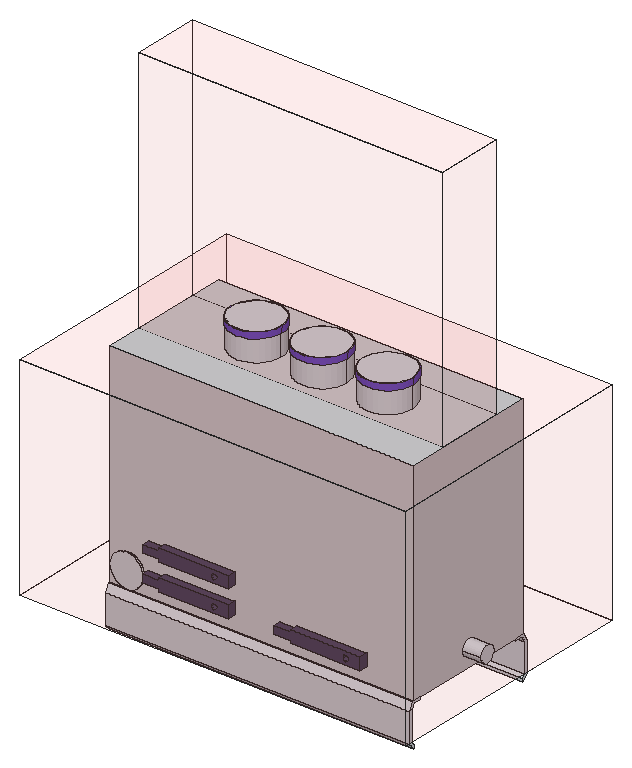
Revit family "DATABAR Triple Outlet Tap Off Unit", category Electrical Equipment, host Face, Revit 2018
Family settings
  Host = Face
  Panel Configuration = Two Columns, Circuits Across
  Round Connector Dimension = Use Diameter
  Part Type = Panelboard
  OmniClass Number = 23.80.30.11.17
  OmniClass Title = Distribution Boards and Control Panels
  Cut with Voids When Loaded = No
  Shared = No
  Room Calculation Point = No
Parameters (values of type "Triple Outlet 32A - TP&Meter")
  Version = "A"  # constant formula
  URL = "https://anordmardix.com/products/iec/busbar-busway/databar/"
  Tier 3 [instance] = no
  Tier 2 [instance] = no
  Tier 1 [instance] = yes
  Manufacturer = "Anord Mardix"  # constant formula
  Handle 4 Visible = yes
  Handle 3 Visible = yes
  Handle 2 Visible = no
  Handle 1 Visible = yes
  Description = "Tap Off Unit, Triple Outlet, 32A, TP&Meter"
  Default Elevation = 0 mm
  Databar System Name [instance] = ""
  Clearance Distance [instance] = 50 mm  # constant formula
  Clearance Area [instance] = yes
  AMG_Tap_Off_Width = 165 mm  # constant formula
  AMG_Tap_Off_Socket_Height = 34 mm
  AMG_Tap_Off_Length = 370 mm
  AMG_Tap_Off_Height = 257 mm
  AMG_Socket3 Dist = 260 mm
  AMG_Socket2 Dist = 180 mm
  AMG_Socket1 Dist = 100 mm
Types (8, lengths in mm): name | Handle 3 Visible | Handle 2 Visible | Description | AMG_Tap_Off_Socket_Height | AMG_Tap_Off_Height | AMG_Socket3 Dist | AMG_Socket2 Dist | AMG_Socket1 Dist
  Triple Outlet 16A - SP | no | yes | "Tap Off Unit, Triple Outlet, 16A, SP" | 53 | 98 | 210 | 130 | 50
  Triple Outlet 32A - SP | no | yes | "Tap Off Unit, Triple Outlet, 32A, SP" | 64 | 98 | 210 | 130 | 50
  Triple Outlet 16A - TP | yes | no | "Tap Off Unit, Triple Outlet, 16A, TP" | 55 | 152 | 210 | 130 | 50
  Triple Outlet 32A - TP | yes | no | "Tap Off Unit, Triple Outlet, 32A, TP" | 64 | 152 | 210 | 130 | 50
  Triple Outlet 16A - SP&Meter | yes | no | "Tap Off Unit, Triple Outlet, 16A, SP&Meter" | 55 | 152 | 210 | 130 | 50
  Triple Outlet 32A - SP&Meter | yes | no | "Tap Off Unit, Triple Outlet, 32A, SP&Meter" | 64 | 152 | 210 | 130 | 50
  Triple Outlet 16A - TP&Meter | yes | no | "Tap Off Unit, Triple Outlet, 16A, TP&Meter" | 38 | 257 | 260 | 180 | 100
  Triple Outlet 32A - TP&Meter | yes | no | "Tap Off Unit, Triple Outlet, 32A, TP&Meter" | 34 | 257 | 260 | 180 | 100
Reference planes
  plane 1 "Center (Front/Back)": y = 0
  plane 2: z = 0
  plane 3 "Center (Left/Right)": x = 0
  plane 4: x = 370
  plane 5: y = 165
  plane 6: z = 257
  plane 7: x = 270
  plane 8: x = 110
  plane 9: z = 291
  plane 10: x = 420
  plane 11: x = -50
  plane 12: z = 341
  plane 13: x = 190
  plane 14: x = 42
  plane 15: z = 23
  plane 16: x = 393
Forms (mm)
  Extrusion 1, solid, material "AMG_Casing"
    sketch origin (0, 0, 0) x (1, 0, 0) y (0, 1, 0)
      loop
        line (0, 0) -> (370, 0) -> (370, 165) -> (0, 165) -> (0, 0)
    from 0 to 257
  Extrusion 2, solid, detail levels fine
    sketch origin (0.936, 82.5, -50.125) x (0, 1, 0) y (0, 0, 1)
      loop
        line (82.5, 2.316) -> (82.5, -1.277) -> (89.248, 5.471) -> (89.248, 41.814) -> (84.449, 50.125) -> (72.919, 50.125) -> (72.919, 47.72) -> (82.044, 47.72) -> (86.092, 40.709) -> (86.092, 5.908) -> (82.5, 2.316)
      loop
        line (-82.5, 2.316) -> (-86.092, 5.908) -> (-86.092, 40.709) -> (-82.044, 47.72) -> (-72.919, 47.72) -> (-72.919, 50.125) -> (-84.449, 50.125) -> (-89.248, 41.814) -> (-89.248, 5.471) -> (-82.5, -1.277) -> (-82.5, 2.316)
    from -0.936 to 369.064
  Extrusion 3, solid
    sketch origin (105.392, 0, 0) x (1, 0, 0) y (0, 0, 1)
      loop
        circle (-83.392, 21.055) r 20
    from 0 to 2
  Extrusion 4, solid
    sketch origin (0, 0, 23) x (0, 1, 0) y (0, 0, 1)
      loop
        circle (82.75, 0) r 9.6
    from 370 to 393
Dimensions and locks
  "AMG_Tap_Off_Length": plane 3 "Center (Left/Right)" to plane 4
  "AMG_Tap_Off_Width": plane 5 to plane 1 "Center (Front/Back)"
  "AMG_Tap_Off_Height": plane 6 to level
  "AMG_Socket1 Dist": plane 4 to plane 7
  "AMG_Tap_Off_Socket_Height": plane 9 to plane 6
  "Clearance Distance": plane 4 to plane 10
  "Clearance Distance": plane 11 to plane 3 "Center (Left/Right)"
  "Clearance Distance": plane 12 to plane 9
  "AMG_Socket2 Dist": plane 13 to plane 4
  "AMG_Socket3 Dist": plane 4 to plane 8
  nested 9 to plane 5 = 75 mm
  nested 9 to plane 1 "Center (Front/Back)" = 74.5 mm
  locked: plane 14 to plane 3 "Center (Left/Right)" at 42
  locked: plane 15 to level at 23
  locked: plane 4 to plane 16 at 23
  aligned and locked: plane 2 to host face
  aligned and locked: level to host face
  aligned and locked: Extrusion 1 to plane 3 "Center (Left/Right)"
  aligned and locked: Extrusion 1 to plane 4
  aligned and locked: plane 5 to Extrusion 1
  aligned and locked: plane 6 to Extrusion 1
  aligned and locked: Extrusion 2 to plane 4
  aligned and locked: Extrusion 2 to plane 3 "Center (Left/Right)"
  aligned and locked: plane 8 to nested 1
  aligned and locked: nested 1 to plane 6
  aligned and locked: plane 7 to nested 2
  aligned and locked: nested 3 to plane 1 "Center (Front/Back)"
  aligned and locked: nested 2 to plane 6
  aligned and locked: text3d elem to plane 7
  aligned and locked: text3d elem to text3d elem
  aligned and locked: plane 13 to nested 6
  aligned and locked: nested 6 to plane 6
  aligned and locked: plane 4 to nested 8
  aligned and locked: nested 8 to plane 6
  aligned and locked: plane 14 to Extrusion 3
  aligned and locked: plane 6 to nested 9
  aligned and locked: plane 7 to nested 5
  aligned and locked: plane 8 to nested 3
  aligned and locked: plane 8 to nested 7
  aligned and locked: plane 8 to nested 4
  aligned and locked: nested 9 to plane 10
  aligned and locked: plane 11 to nested 9
  aligned and locked: plane 15 to Extrusion 4
  aligned and locked: plane 4 to Extrusion 4
  aligned and locked: Extrusion 4 to plane 16
  aligned and locked: plane 4 to nested 10
  aligned and locked: plane 4 to nested 11
  aligned and locked: plane 4 to nested 12
  aligned and locked: plane 3 "Center (Left/Right)" to nested 10
  aligned and locked: plane 3 "Center (Left/Right)" to nested 11
  aligned and locked: plane 3 "Center (Left/Right)" to nested 12
  aligned and locked: plane 7 to nested 13
  aligned and locked: plane 13 to nested 14
  aligned and locked: plane 8 to nested 15
Automatic sketch dimensions
  host sketch curve to host sketch curve = 2438.4 mm
  host sketch curve to host sketch curve = 165 mm
  Extrusion 1 sketch curve to plane 3 "Center (Left/Right)" = 0 mm
  Extrusion 1 sketch curve to plane 4 = 0 mm
  plane 1 "Center (Front/Back)" to Extrusion 1 sketch curve = 0 mm
  Extrusion 1 sketch curve to plane 5 = 0 mm
  plane 1 "Center (Front/Back)" to Extrusion 2 sketch curve = 6.748 mm
  Extrusion 2 sketch curve to Extrusion 2 sketch curve = 3.156 mm  (x2)
  level to Extrusion 2 sketch curve = 0 mm  (x2)
  plane 1 "Center (Front/Back)" to Extrusion 2 sketch curve = 1.949 mm
  Extrusion 2 sketch curve to plane 1 "Center (Front/Back)" = 0 mm
  Extrusion 2 sketch curve to plane 1 "Center (Front/Back)" = 0.456 mm
  Extrusion 2 sketch curve to Extrusion 2 sketch curve = 9.125 mm
  Extrusion 2 sketch curve to plane 5 = 9.581 mm
  Extrusion 2 sketch curve to plane 5 = 0.456 mm
  plane 5 to Extrusion 2 sketch curve = 0 mm
  plane 5 to Extrusion 2 sketch curve = 1.949 mm
  plane 5 to Extrusion 2 sketch curve = 3.592 mm
  Extrusion 2 sketch curve to level = 2.405 mm  (x2)
  Extrusion 2 sketch curve to level = 8.311 mm  (x2)
  Extrusion 2 sketch curve to Extrusion 2 sketch curve = 1.105 mm  (x2)
  Extrusion 2 sketch curve to Extrusion 2 sketch curve = 34.802 mm  (x2)
  Extrusion 2 sketch curve to Extrusion 2 sketch curve = 0.437 mm  (x2)
  Extrusion 2 sketch curve to Extrusion 2 sketch curve = 3.592 mm  (x2)
  Extrusion 2 sketch curve to Extrusion 2 sketch curve = 3.593 mm  (x2)
  plane 11 to Extrusion 3 sketch curve = 72 mm
  level to Extrusion 3 sketch curve = 21.055 mm
  level to Extrusion 4 sketch curve = 23 mm
  Extrusion 4 sketch curve to plane 5 = 82.25 mm
  radius of Extrusion 3 sketch curve = 20 mm
  radius of Extrusion 4 sketch curve = 9.6 mm
Nested families
  nested 1: "Commando Socket" at (110, 85.419, 257), AMG_Tap_Off_Socket_Height <- "AMG_Tap_Off_Socket_Height", type "Commando Socket"
    with AMG_Tap_Off_Socket_Height 34 mm
  nested 2: "Commando Socket" at (270, 85.419, 257), AMG_Tap_Off_Socket_Height <- "AMG_Tap_Off_Socket_Height", type "Commando Socket"
    with AMG_Tap_Off_Socket_Height 34 mm
  nested 3: "Tap off Handle" at (110, -9.765, 25), visible <- "Handle 1 Visible", type "Tap off Handle", detail levels medium+fine
  nested 4: "Tap off Handle" at (110, -9.765, 41.25), visible <- "Handle 2 Visible", type "Tap off Handle", detail levels medium+fine
  nested 5: "Tap off Handle" at (270, -9.765, 25), visible <- "Handle 3 Visible", type "Tap off Handle", detail levels medium+fine
  nested 6: "Commando Socket" at (190, 85.419, 257), AMG_Tap_Off_Socket_Height <- "AMG_Tap_Off_Socket_Height", type "Commando Socket"
    with AMG_Tap_Off_Socket_Height 34 mm
  nested 7: "Tap off Handle" at (110, -9.765, 57.5), visible <- "Handle 4 Visible", type "Tap off Handle", detail levels medium+fine
  nested 8: "AMG_Clearance Zone" at (370, 126.25, 557) x (-1, 0, 0) z (0, 0, 1), visible <- "Clearance Area", Clearance Width <- "AMG_Tap_Off_Length", type "AMG_Clearance Zone"
    with Clearance Width 370 mm, Clearance Height 300 mm, Clearance Depth 81.638 mm
  nested 9: "AMG_Clearance Zone" at (420, 240, 257) x (-1, 0, 0) z (0, 0, 1), visible <- "Clearance Area", Clearance Height <- "AMG_Tap_Off_Height", type "AMG_Clearance Zone"
    with Clearance Width 470 mm, Clearance Height 257 mm, Clearance Depth 314.5 mm
  nested 10: "Tier 1 Symbol" at (185, 82.5, 0), visible <- "Tier 1", type "Tier 1 Symbol"
    with Symbol Width 165 mm, Symbol Length 370 mm
  nested 11: "Tier 2 Symbol" at (185, 82.5, 0), visible <- "Tier 2", type "Tier 2 Symbol"
    with Symbol Width 165 mm, Symbol Length 370 mm
  nested 12: "Tier 3 Symbol" at (185, 82.5, 0), visible <- "Tier 3", type "Tier 3 Symbol"
    with Symbol Width 165 mm, Symbol Length 370 mm
  nested 13: "Single Commando symbol" at (270, 44.612, 0), type "Single Commando symbol"
    with Symbol Width 400 mm, Symbol Length 1320 mm
  nested 14: "Single Commando symbol" at (190, 44.612, 0), type "Single Commando symbol"
    with Symbol Width 400 mm, Symbol Length 1320 mm
  nested 15: "Single Commando symbol" at (110, 44.612, 0), type "Single Commando symbol"
    with Symbol Width 400 mm, Symbol Length 1320 mm
Connectors
  electrical at (110, 85.419, 291)
    settings: on nested 1, index 1, voltage 0 V, apparent load 0 VA, apparent load phase1 0 VA, apparent load phase2 0 VA, apparent load phase3 0 VA, power factor 1, load classification "Other", number of poles 1, system type 31, power factor state 1, is connector primary yes, connector utility no, sub classification motor no, connector description ""
  electrical at (270, 85.419, 291)
    settings: on nested 2, index 2, voltage 0 V, apparent load 0 VA, apparent load phase1 0 VA, apparent load phase2 0 VA, apparent load phase3 0 VA, power factor 1, load classification "Other", number of poles 1, system type 31, power factor state 1, is connector primary no, connector utility no, sub classification motor no, connector description ""
  electrical at (190, 85.419, 291)
    settings: on nested 6, index 3, voltage 0 V, apparent load 0 VA, apparent load phase1 0 VA, apparent load phase2 0 VA, apparent load phase3 0 VA, power factor 1, load classification "Other", number of poles 1, system type 31, power factor state 1, is connector primary no, connector utility no, sub classification motor no, connector description ""
Definition of nested family "Commando Socket"
  Parameters (values of type "Commando Socket")
    AMG_Tap_Off_Socket_Height [instance] = 305.003 mm
    AMG_Tap_Off_Commando_Blue = none
  Reference planes
    plane 1 "Center (Front/Back)": y = 0
    plane 2: z = 0
    plane 3 "Center (Left/Right)": x = 0
    plane 4: z = 305.003
  Forms (mm)
    Extrusion 1, solid
      sketch origin (0, 0, 0) x (1, 0, 0) y (0, 1, 0)
        loop
          circle (0, 0) r 30
      from 0 to 305.003
    Extrusion 2, solid
      sketch origin (0, 0, 0) x (1, 0, 0) y (0, 1, 0)
        loop
          circle (0, 0) r 31
      from 297.567 to 305.003
  Lines and regions (mm)
    reference lines
      curve 1: line (0, 30, 0) -> (0, -31, 0)
      curve 2: line (0, 0, 305.003) -> (0, 0, 0)
  Dimensions and locks
    "AMG_Tap_Off_Socket_Height": plane 4 to level
    locked: plane 4 to Extrusion 2 at 7.436
    aligned and locked: level to plane 2
    aligned and locked: plane 4 to Extrusion 1
    aligned and locked: plane 4 to Extrusion 2
    aligned and locked: plane 4 to curve 2
  Automatic sketch dimensions
    plane 1 "Center (Front/Back)" to Extrusion 1 sketch curve = 0 mm
    Extrusion 1 sketch curve to plane 3 "Center (Left/Right)" = 0 mm
    curve 2 to level = 0 mm
    curve 2 to plane 3 "Center (Left/Right)" = 0 mm
    plane 1 "Center (Front/Back)" to Extrusion 2 sketch curve = 0 mm
    Extrusion 2 sketch curve to plane 3 "Center (Left/Right)" = 0 mm
    curve 1 to plane 3 "Center (Left/Right)" = 0 mm
    plane 1 "Center (Front/Back)" to curve 1 = 31 mm
    curve 1 to plane 1 "Center (Front/Back)" = 30 mm
    radius of Extrusion 1 sketch curve = 30 mm
    radius of Extrusion 2 sketch curve = 31 mm
Definition of nested family "Tap off Handle"
  Reference planes
    plane 1 "Center (Front/Back)": y = 0
    plane 2: z = 0
    plane 3 "Center (Left/Right)": x = 0
  Forms (mm)
    Extrusion 1, solid, detail levels fine
      sketch origin (50.324, 93.258, -31.035) x (-1, 0, 0) y (0, 0, -1)
        loop
          line (8.026, -23.535) -> (8.026, -38.535) -> (92.622, -38.535) -> (92.622, -35.491) -> (113.026, -35.491) -> (113.026, -26.579) -> (92.622, -26.579) -> (92.622, -23.535) -> (8.026, -23.535)
        loop
          circle (24.973, -30.879) r 3.46
      from 83.493 to 93.258
  Dimensions and locks
    aligned and locked: level to plane 2
Definition of nested family "AMG_Clearance Zone"
  Parameters (values of type "AMG_Clearance Zone")
    Clearance Width [instance] = 1768.367 mm
    Clearance Height [instance] = 1507.908 mm
    Clearance Depth [instance] = 1507.908 mm
  Reference planes
    plane 1 "Center (Front/Back)": y = 0
    plane 2: z = 0
    plane 3 "Center (Left/Right)": x = 0
    plane 4: x = 1768.367
    plane 5: y = 1507.908
    plane 6: z = -1507.908
  Forms (mm)
    Extrusion 1, solid
      sketch origin (0, 0, 0) x (1, 0, 0) y (0, 1, 0)
        loop
          line (0, 0) -> (1768.367, 0) -> (1768.367, 1507.908) -> (0, 1507.908) -> (0, 0)
      from 0 to -1507.908
  Dimensions and locks
    "Clearance Height": level to plane 6
    "Clearance Width": plane 4 to plane 3 "Center (Left/Right)"
    "Clearance Depth": plane 5 to plane 1 "Center (Front/Back)"
    aligned and locked: level to plane 2
    aligned and locked: plane 1 "Center (Front/Back)" to Extrusion 1 sketch curve
    aligned and locked: Extrusion 1 sketch curve to plane 3 "Center (Left/Right)"
    aligned and locked: plane 5 to Extrusion 1
    aligned and locked: Extrusion 1 to plane 4
    aligned and locked: plane 6 to Extrusion 1
  Automatic sketch dimensions
    Extrusion 1 sketch curve to plane 4 = 0 mm
    Extrusion 1 sketch curve to plane 5 = 0 mm
Definition of nested family "Tier 1 Symbol"
  Parameters (values of type "Tier 1 Symbol")
    Symbol Width [instance] = 400 mm
    Symbol Length [instance] = 1320 mm
  Reference planes
    plane 1 "Center (Front/Back)": y = 0
    plane 2: z = 0
    plane 3 "Center (Left/Right)": x = 0
    plane 4: y = 200
    plane 5: y = -200
    plane 6: x = -660
    plane 7: x = 660
  Lines and regions (mm)
    Filled region 1, type "Solid", in view "Ref. Level"
      outline origin (0, 0, 0) x (1, 0, 0) y (0, 1, 0)
        loop
          line (-660, 200) -> (-660, -200) -> (660, -200) -> (660, 200) -> (-660, 200)
    detail lines, in view "Ref. Level"
      curve 1: line (-660, 200, 0) -> (660, 200, 0)
      curve 2: line (-660, -200, 0) -> (-660, 200, 0)
      curve 3: line (660, -200, 0) -> (-660, -200, 0)
      curve 4: line (660, 200, 0) -> (660, -200, 0)
  Dimensions and locks
    equal spacing: plane 4, plane 1 "Center (Front/Back)", plane 5
    "Symbol Length": plane 6 to plane 7
    equal spacing: plane 6, plane 3 "Center (Left/Right)", plane 7
    "Symbol Width": plane 4 to plane 5
    aligned and locked: plane 7 to Filled region 1
    aligned and locked: Filled region 1 to plane 5
    aligned and locked: Filled region 1 to plane 6
    aligned and locked: plane 4 to Filled region 1
    aligned and locked: plane 6 to curve 2
    aligned and locked: curve 4 to plane 7
    aligned and locked: plane 5 to curve 3
    aligned and locked: curve 1 to plane 4
  Automatic sketch dimensions
    plane 5 to Filled region 1 sketch curve = 0 mm
    Filled region 1 sketch curve to plane 3 "Center (Left/Right)" = 660 mm
    Filled region 1 sketch curve to plane 7 = 0 mm
    Filled region 1 sketch curve to plane 4 = 0 mm
Definition of nested family "Tier 2 Symbol"
  Parameters (values of type "Tier 2 Symbol")
    Symbol Width [instance] = 400 mm
    Symbol Length [instance] = 1320 mm
  Reference planes
    plane 1 "Center (Front/Back)": y = 0
    plane 2: z = 0
    plane 3 "Center (Left/Right)": x = 0
    plane 4: y = 200
    plane 5: y = -200
    plane 6: x = -660
    plane 7: x = 660
  Lines and regions (mm)
    Filled region 1, type "Tier 2", in view "Ref. Level"
      outline origin (0, 0, 0) x (1, 0, 0) y (0, 1, 0)
        loop
          line (-660, 200) -> (-660, -200) -> (660, -200) -> (660, 200) -> (-660, 200)
    detail lines, in view "Ref. Level"
      curve 1: line (-660, 200, 0) -> (660, 200, 0)
      curve 2: line (-660, -200, 0) -> (-660, 200, 0)
      curve 3: line (660, -200, 0) -> (-660, -200, 0)
      curve 4: line (660, 200, 0) -> (660, -200, 0)
  Dimensions and locks
    equal spacing: plane 4, plane 1 "Center (Front/Back)", plane 5
    "Symbol Length": plane 6 to plane 7
    equal spacing: plane 6, plane 3 "Center (Left/Right)", plane 7
    "Symbol Width": plane 4 to plane 5
    aligned and locked: plane 7 to Filled region 1
    aligned and locked: Filled region 1 to plane 5
    aligned and locked: Filled region 1 to plane 6
    aligned and locked: plane 4 to Filled region 1
    aligned and locked: plane 6 to curve 2
    aligned and locked: curve 4 to plane 7
    aligned and locked: plane 5 to curve 3
    aligned and locked: curve 1 to plane 4
  Automatic sketch dimensions
    plane 5 to Filled region 1 sketch curve = 0 mm
    Filled region 1 sketch curve to plane 3 "Center (Left/Right)" = 660 mm
    Filled region 1 sketch curve to plane 7 = 0 mm
    Filled region 1 sketch curve to plane 4 = 0 mm
Definition of nested family "Tier 3 Symbol"
  Parameters (values of type "Tier 3 Symbol")
    Symbol Width [instance] = 400 mm
    Symbol Length [instance] = 1320 mm
  Reference planes
    plane 1 "Center (Front/Back)": y = 0
    plane 2: z = 0
    plane 3 "Center (Left/Right)": x = 0
    plane 4: y = 200
    plane 5: y = -200
    plane 6: x = -660
    plane 7: x = 660
  Lines and regions (mm)
    Filled region 1, type "Tier 3", in view "Ref. Level"
      outline origin (0, 0, 0) x (1, 0, 0) y (0, 1, 0)
        loop
          line (-660, 200) -> (-660, -200) -> (660, -200) -> (660, 200) -> (-660, 200)
    detail lines, in view "Ref. Level"
      curve 1: line (-660, 200, 0) -> (660, 200, 0)
      curve 2: line (-660, -200, 0) -> (-660, 170, 0)
      curve 3: line (660, -200, 0) -> (-660, -200, 0)
      curve 4: line (660, 200, 0) -> (660, -200, 0)
  Dimensions and locks
    equal spacing: plane 4, plane 1 "Center (Front/Back)", plane 5
    "Symbol Length": plane 6 to plane 7
    equal spacing: plane 6, plane 3 "Center (Left/Right)", plane 7
    "Symbol Width": plane 4 to plane 5
    aligned and locked: plane 7 to Filled region 1
    aligned and locked: Filled region 1 to plane 5
    aligned and locked: Filled region 1 to plane 6
    aligned and locked: plane 4 to Filled region 1
    aligned and locked: plane 6 to curve 2
    aligned and locked: curve 4 to plane 7
    aligned and locked: plane 5 to curve 3
    aligned and locked: curve 1 to plane 4
  Automatic sketch dimensions
    plane 5 to Filled region 1 sketch curve = 0 mm
    Filled region 1 sketch curve to plane 3 "Center (Left/Right)" = 660 mm
    Filled region 1 sketch curve to plane 7 = 0 mm
    Filled region 1 sketch curve to plane 4 = 0 mm
    curve 1 to plane 6 = 0 mm
    curve 2 to curve 1 = 30 mm
Definition of nested family "Single Commando symbol"
  Parameters (values of type "Single Commando symbol")
    Symbol Width [instance] = 400 mm
    Symbol Length [instance] = 1320 mm
  Reference planes
    plane 1 "Center (Front/Back)": y = 0
    plane 2: z = 0
    plane 3 "Center (Left/Right)": x = 0
  Lines and regions (mm)
    detail lines, in view "Ref. Level"
      curve 1: line (-30, -30, 0) -> (30, -30, 0)
      curve 2: line (-30, 30, 0) -> (-30, -30, 0)
      curve 3: line (30, 30, 0) -> (-30, 30, 0)
      curve 4: line (30, -30, 0) -> (30, 30, 0)
      curve 5: line (0, 30, 0) -> (0, 60, 0)
      curve 6: line (-30, -30, 0) -> (30, 30, 0)
      curve 7: line (0, 60, 0) -> (30, 60, 0)
